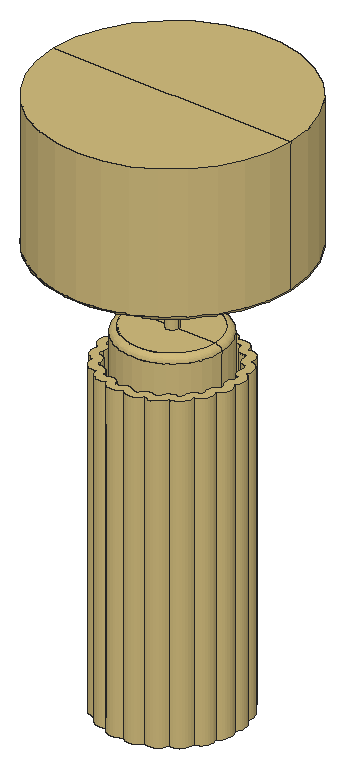
Revit family "CONV_Pholc_GnrlPrpseLmnrs_Donna7", category Lighting Fixtures, host Ceiling, Revit 2017
Family settings
  Host = Ceiling
  Round Connector Dimension = Use Diameter
  Part Type = Normal
  OmniClass Number = 23.80.70.11
  OmniClass Title = Luminaries for Internal Lighting
  Always vertical = Yes
  Cut with Voids When Loaded = No
  Light Source = Yes
  Shared = No
  Room Calculation Point = No
Parameters (values of type "Donna 7 autumn leaves")
  Wattage = 6.7321 W
  WarrantyStartDate [instance] = "n/a"
  WarrantyGuarantorParts = "n/a"
  WarrantyGuarantorLabor = "n/a"
  WarrantyDurationUnit = "Year"
  WarrantyDurationParts = "n/a"
  WarrantyDurationLabor = "n/a"
  WarrantyDescription = "n/a"
  built-in parameter 1150110 = 1 (stored number, unit not read)
  VersionDate = "15/05/2019"  # constant formula
  Version = "1"  # constant formula
  UsageCurrent = 0 A
  Uniclass2015Reference = "Pr_70_70_48_86"
  Uniclass2015Description = "Suspended luminaires"
  Uniclass2 = "Pr_70_70_49_86"
  URL = "https://www.pholc.se/our-products/donna-7/"
  TotalWattage = 6 W
  built-in parameter 1114217 = 1 (stored number, unit not read)
  built-in parameter 1150109 = 1 (stored number, unit not read)
  built-in parameter 1150134 = (empty or 0)
  TagNumber [instance] = "n/a"
  SustainabilityPerformance = "n/a"
  built-in parameter 1150113 = 1 (stored number, unit not read)
  Size = "70x70x170 mm"
  Shape = "Sculptured"
  SerialNumber [instance] = "n/a"
  Revision = "n/a"
  ReplacementCost = "n/a"
  ProductInformation = "It functions well as a lamp or object to set the mood of a room, hanging in numbers in a large space or as a single piece over a table."
  ProductDatasheet = "https://www.pholc.se/files/pdf/donna-7.pdf"
  PhaseReference = "n/a"
  PhaseAngle = 0.00°
  NumberOfSources = 0
  NumberOfPoles = 1
  NominalWidth = 115 mm
  NominalVoltageCalc = 0 V
  NominalVoltage = 220 V
  NominalRadius = NominalWidth / 2  # 57.5 mm
  NominalHeight [instance] = CableControl + 165 mm  # 265 mm
  NominalFrequencyRange = 50 Hz
  NominalDiameter = NominalWidth  # 115 mm
  NominalDepth = 115 mm
  NominalCurrent = 0 A
  Name = "GnrlPrpseLmnrs_Donna7"
  NBSReference = "90-60-50/405"
  NBSDescription = "General purpose luminaires"
  ModelReference = ArticleNumber  # "960118"
  ModelNumber = "n/a"
  Model = "Donna 7 autumn leaves"
  Material = "Aluminium & textile"
  ManufacturersSpecificInformation = "n/a"
  ManufacturerURL = "https://www.pholc.se/"
  ManufacturerName = "Pholc"
  Manufacturer = "Pholc"
  MaintenanceFactor = 0
  Lumens = 1000 lm
  built-in parameter 1150115 = 1 (stored number, unit not read)
  built-in parameter 1150105 = 79.577 (stored number, unit not read)
  LightSource = "Philips LED 1,9W (25W) G9 non dimmable (item no: 8718696713389) // startrading LED 5,6W G9 dimmable (item no: 344-47)"
  LightFixturePlacingType = "Ceiling"
  LightFixtureMountingType = "Suspended"
  LightFixtureMainMaterial = Autumn leaves
  Light Source Symbol Size = 609.6 mm
  built-in parameter 1150137 = (empty or 0)
  built-in parameter 1150139 = (empty or 0)
  built-in parameter 1150112 = 1 (stored number, unit not read)
  built-in parameter 1150114 = 1 (stored number, unit not read)
  InsulationStandardClass = "Class II"
  InstallationDate [instance] = "n/a"
  built-in parameter 1150132 = 2
  built-in parameter 1150102 = (empty or 0)
  built-in parameter 1150138 = (empty or 0)
  built-in parameter 1150107 = 3000 (stored number, unit not read)
  built-in parameter 1150106 = 0.79577 (stored number, unit not read)
  IfcExportType = "NOTDEFINED"  # constant formula
  IfcExportAs = "IfcLightFixtureType"  # constant formula
  IP_Code = "IP 20"
  HasProtectiveEarth = no
  Grade = "n/a"
  Finish = "n/a"
  Features = "Suspension mounting. Textile cable. Ceiling cup."
  ExpectedLife = "n/a"
  ElectricalDeviceNominalPower = 0
  built-in parameter 1150104 = 13.8 (stored number, unit not read)
  DurationUnit = "Year"
  Dimming Lamp Color Temperature Shift = <None>
  Designer = "Nina Jobs"
  Description = "The pendant lamp Donna gives a feeling of soft pleated textile although the material is of thin metal. We were inspired of material in fashion, chic ladies and the challenge to transform a hard material into a soft feeling! Versatile when it comes to usage and both beautiful at home and in public spaces."
  DefaultElevation = 0 mm
  ConvergoRefNr = "0103-1905-0005-SE"
  Constituents = "n/a"
  Color Filter = 16777215
  Color = "Autumn leaves"
  Collection = "Donna"
  CodePerformance = "n/a"
  Category = "Pendant"
  CableLength [instance] = 100 mm
  CableControl [instance] = if(CableLength < 100 mm, 100 mm, if(CableLength > 3000 mm, 3000 mm, CableLength))  # 100 mm
  Brand = "Pholc"
  Barcode [instance] = "n/a"
  built-in parameter 1114218 = 1 (stored number, unit not read)
  BIMObjectName = "CONV_Pholc_GnrlPrpseLmnrs_Donna7"
  Author = "Convergo AB"  # constant formula
  built-in parameter 1150133 = 10 (stored number, unit not read)
  AssetType = "Fixed"
  AssetIdentifier [instance] = "n/a"
  ArticleNumber = "960118"
  AccessibilityPerformance = "n/a"
Types (4, lengths in mm): name | ModelReference | Model | LightFixtureMainMaterial | Color | ArticleNumber
  Donna 7 autumn leaves | "960118" | "Donna 7 autumn leaves" | Autumn leaves | "Autumn leaves" | "960118"
  Donna 7 black ink | "960115" | "Donna 7 black ink" | Black ink | "Black ink" | "960115"
  Donna 7 linen | "960113" | "Donna 7 linen" | Linen | "Linen" | "960113"
  Donna 7 blush | "960114" | "Donna 7 blush" | Blush | "Blush" | "960114"
Reference planes
  plane 1 "Light Source Axis (F/B)": y = 0
  plane 2: z = 0
  plane 3 "Light Source Axis (L/R)": x = 0
  plane 4 "Ceiling": z = 4000
  plane 5 "Light Source Elevation": z = 3847
  plane 6: z = 3900
  plane 7: z = 3735
  plane 8: x = -57.5
  plane 9: x = 57.5
  plane 10: y = -57.5
  plane 11: y = 57.5
  plane 12: z = 3935
Forms (mm)
  Revolve 1, solid, material "Autumn leaves" <- "LightFixtureMainMaterial", detail levels medium+fine
    sketch origin (0, 0, 0) x (1, 0, 0) y (0, 0, 1)
      loop
        line (0, 4000) -> (0, 3935) -> (56.5, 3935)
        arc (56.5, 3935) -> (57.207, 3935.293) -> (57.5, 3936) r 1
        line (57.5, 3936) -> (57.5, 4000) -> (0, 4000)
      axis (0, 4000) -> (0, 3935)
    angle from 0 to 360
  Revolve 2, solid, material "Autumn leaves" <- "LightFixtureMainMaterial", detail levels medium+fine
    sketch origin (0, 0, 0) x (1, 0, 0) y (0, 0, 1)
      loop
        line (0, 3900) -> (3, 3900) -> (3, 4000) -> (0, 4000) -> (0, 3900)
      axis (0, 4000) -> (0, 3900)
    angle from 0 to 360
  Extrusion 3, solid, material "Autumn leaves" <- "LightFixtureMainMaterial", detail levels coarse
    sketch origin (0, 0, 4000) x (0, 1, 0) y (-1, 0, 0)
      loop
        line (57.5, 57.5) -> (-57.5, 57.5) -> (-57.5, -57.5) -> (57.5, -57.5) -> (57.5, 57.5)
    from 0 to -265
Cuts and joins
  joined: Revolve 1, Revolve 2
Lines and regions (mm)
  symbolic lines, detail levels medium+fine
    curve 1: line (3, 0, 3900) -> (3, 0, 3935)
    curve 2: line (-3, 0, 3900) -> (-3, 0, 3935)
    curve 3: line (57.5, 0, 4000) -> (-57.5, 0, 4000)
    curve 4: line (0, 57.5, 4000) -> (0, -57.5, 4000)
    curve 5: line (0, 3, 3935) -> (0, 3, 3900)
    curve 6: line (0, -3, 3935) -> (0, -3, 3900)
    curve 7: line (57.5, 0, 3936) -> (57.5, 0, 4000)
    curve 8: line (56.5, 0, 3935) -> (3, 0, 3935)
    curve 9: arc (57.5, 0, 3936) -> (57.207, 0, 3935.293) -> (56.5, 0, 3935) r 1
    curve 10: line (-57.5, 0, 3936) -> (-57.5, 0, 4000)
    curve 11: line (-56.5, 0, 3935) -> (-3, 0, 3935)
    curve 12: arc (-57.5, 0, 3936) -> (-57.207, 0, 3935.293) -> (-56.5, 0, 3935) r 1
    curve 14: line (0, 57.5, 4000) -> (0, 57.5, 3935)
    curve 15: line (0, -57.5, 4000) -> (0, -57.5, 3935)
    curve 16: line (0, 57.5, 3935) -> (0, 3, 3935)
    curve 17: line (0, -3, 3935) -> (0, -57.5, 3935)
  symbolic lines, detail levels fine
    curve 13: line (3, 0, 3935) -> (-3, 0, 3935)
    curve 18: line (0, 3, 3935) -> (0, -3, 3935)
Dimensions and locks
  equal spacing: host sketch curve, plane 3 "Light Source Axis (L/R)", host sketch curve
  equal spacing: host sketch curve, plane 1 "Light Source Axis (F/B)", host sketch curve
  host sketch curve to host sketch curve = 4000 mm  (x2)
  locked: plane 4 "Ceiling" to host ceiling at 0
  "NominalHeight": plane 7 to plane 4 "Ceiling"
  equal spacing: plane 8, plane 3 "Light Source Axis (L/R)", plane 9
  "NominalWidth": plane 8 to plane 9
  equal spacing: plane 10, plane 1 "Light Source Axis (F/B)", plane 11
  "NominalDepth": plane 10 to plane 11
  locked: plane 7 to plane 5 "Light Source Elevation" at 112
  "CableControl": plane 6 to plane 4 "Ceiling"
  locked: plane 12 to plane 4 "Ceiling" at 65
  aligned and locked: plane 3 "Light Source Axis (L/R)" to imposter light
  aligned and locked: plane 1 "Light Source Axis (F/B)" to imposter light
  aligned and locked: plane 5 "Light Source Elevation" to imposter light
  aligned and locked: plane 6 to curve 1
  aligned and locked: plane 6 to curve 2
  aligned and locked: plane 6 to curve 6
  aligned and locked: plane 6 to curve 5
  aligned and locked: Revolve 1 to plane 4 "Ceiling"
  aligned and locked: plane 6 to Revolve 2 sketch curve
  aligned and locked: Revolve 1 to Revolve 2 sketch curve
  aligned and locked: nested 1 to plane 6
  aligned and locked: plane 7 to Extrusion 3
  aligned and locked: plane 12 to curve 8
  aligned and locked: curve 11 to plane 12
  aligned and locked: plane 12 to curve 13
  aligned and locked: plane 12 to curve 16
  aligned and locked: plane 12 to curve 17
  aligned and locked: plane 12 to Revolve 1 sketch curve
  aligned and locked: Revolve 1 sketch curve to plane 4 "Ceiling"
Automatic sketch dimensions
  Extrusion 3 sketch curve to plane 8 = 0 mm
  Extrusion 3 sketch curve to plane 10 = 0 mm
  plane 11 to Extrusion 3 sketch curve = 0 mm
  Extrusion 3 sketch curve to plane 9 = 0 mm
  Revolve 1 sketch curve to plane 3 "Light Source Axis (L/R)" = 0 mm  (x2)
  Revolve 1 sketch curve to plane 9 = 0 mm
  Revolve 1 sketch curve to Revolve 1 sketch curve = 1 mm
  Revolve 1 sketch curve to Revolve 1 sketch curve = 5.181 mm
  Revolve 1 sketch curve to Revolve 1 sketch curve = 10 mm
  curve 12 to plane 8 = 0 mm
  plane 9 to curve 7 = 0 mm
  curve 3 to plane 4 "Ceiling" = 0 mm
  curve 12 to curve 12 = 1 mm
  curve 2 to plane 3 "Light Source Axis (L/R)" = 3 mm
  plane 3 "Light Source Axis (L/R)" to curve 8 = 3 mm
  curve 9 to curve 7 = 1 mm
  Revolve 2 sketch curve to plane 3 "Light Source Axis (L/R)" = 0 mm  (x2)
  Revolve 2 sketch curve to plane 6 = 0 mm
  plane 3 "Light Source Axis (L/R)" to Revolve 2 sketch curve = 3 mm
  Revolve 2 sketch curve to Revolve 2 sketch curve = 10 mm
  plane 4 "Ceiling" to curve 4 = 0 mm
  curve 4 to plane 10 = 0 mm
  curve 16 to plane 11 = 0 mm
  plane 1 "Light Source Axis (F/B)" to curve 6 = 3 mm
  curve 5 to plane 1 "Light Source Axis (F/B)" = 3 mm
  curve 18 to curve 17 = 0 mm
Nested families
  nested 1: "Donna 7" at (0, 0, 3735), Metal <- "LightFixtureMainMaterial", type "Donna 7"
    with Metal Autumn leaves
Connectors
  electrical at (0, 0, 4000), driven by "NominalVoltage"
    settings: on cut or joined group of Revolve 1, Revolve 2, index 1, voltage 220 V, apparent load 0 VA, apparent load phase1 0 VA, apparent load phase2 0 VA, apparent load phase3 0 VA, power factor 1, load classification "Other", number of poles 1, system type 31, power factor state 1, is connector primary yes, connector utility no, sub classification motor no, connector description ""
Definition of nested family "Donna 7"
  Parameters (values of type "Donna 7")
    Metal [instance] = none
  Reference planes
    plane 1 "Center (Front/Back)": y = 0
    plane 2: z = 0
    plane 3 "Center (Left/Right)": x = 0
    plane 4: z = 165
    plane 5: z = 112
  Forms (mm)
    Extrusion 1, solid, material <- "Metal", detail levels medium+fine
      sketch origin (0, 0, 0) x (1, 0, 0) y (0, 1, 0)
        loop
          arc (0, 30) -> (-5.006, 31.609) -> (-9.271, 28.532) r 5.828
          arc (-9.271, 28.532) -> (-14.529, 28.515) -> (-17.634, 24.271) r 5.828
          arc (-17.634, 24.271) -> (-22.629, 22.629) -> (-24.271, 17.634) r 5.828
          arc (-24.271, 17.634) -> (-28.515, 14.529) -> (-28.532, 9.271) r 5.828
          arc (-28.532, 9.271) -> (-31.609, 5.006) -> (-30, 0) r 5.828
          arc (-30, 0) -> (-31.609, -5.006) -> (-28.532, -9.271) r 5.828
          arc (-28.532, -9.271) -> (-28.515, -14.529) -> (-24.271, -17.634) r 5.828
          arc (-24.271, -17.634) -> (-22.629, -22.629) -> (-17.634, -24.271) r 5.828
          arc (-17.634, -24.271) -> (-14.529, -28.515) -> (-9.271, -28.532) r 5.828
          arc (-9.271, -28.532) -> (-5.006, -31.609) -> (0, -30) r 5.828
          arc (0, -30) -> (5.006, -31.609) -> (9.271, -28.532) r 5.828
          arc (9.271, -28.532) -> (14.529, -28.515) -> (17.634, -24.271) r 5.828
          arc (17.634, -24.271) -> (22.629, -22.629) -> (24.271, -17.634) r 5.828
          arc (24.271, -17.634) -> (28.515, -14.529) -> (28.532, -9.271) r 5.828
          arc (28.532, -9.271) -> (31.609, -5.006) -> (30, 0) r 5.828
          arc (30, 0) -> (31.609, 5.006) -> (28.532, 9.271) r 5.828
          arc (28.532, 9.271) -> (28.515, 14.529) -> (24.271, 17.634) r 5.828
          arc (24.271, 17.634) -> (22.629, 22.629) -> (17.634, 24.271) r 5.828
          arc (17.634, 24.271) -> (14.529, 28.515) -> (9.271, 28.532) r 5.828
          arc (9.271, 28.532) -> (5.006, 31.609) -> (0, 30) r 5.828
        loop
          arc (2.81, 27.153) -> (0, 26) -> (-2.81, 27.153) r 4
          arc (-2.81, 27.153) -> (-4.381, 27.658) -> (-5.718, 26.693) r 1.828
          arc (-5.718, 26.693) -> (-8.034, 24.727) -> (-11.063, 24.956) r 4
          arc (-11.063, 24.956) -> (-12.713, 24.951) -> (-13.687, 23.619) r 1.828
          arc (-13.687, 23.619) -> (-15.282, 21.034) -> (-18.234, 20.316) r 4
          arc (-18.234, 20.316) -> (-19.801, 19.801) -> (-20.316, 18.234) r 1.828
          arc (-20.316, 18.234) -> (-21.034, 15.282) -> (-23.619, 13.687) r 4
          arc (-23.619, 13.687) -> (-24.951, 12.713) -> (-24.956, 11.063) r 1.828
          arc (-24.956, 11.063) -> (-24.727, 8.034) -> (-26.693, 5.718) r 4
          arc (-26.693, 5.718) -> (-27.658, 4.381) -> (-27.153, 2.81) r 1.828
          arc (-27.153, 2.81) -> (-26, 0) -> (-27.153, -2.81) r 4
          arc (-27.153, -2.81) -> (-27.658, -4.381) -> (-26.693, -5.718) r 1.828
          arc (-26.693, -5.718) -> (-24.727, -8.034) -> (-24.956, -11.063) r 4
          arc (-24.956, -11.063) -> (-24.951, -12.713) -> (-23.619, -13.687) r 1.828
          arc (-23.619, -13.687) -> (-21.034, -15.282) -> (-20.316, -18.234) r 4
          arc (-20.316, -18.234) -> (-19.801, -19.801) -> (-18.234, -20.316) r 1.828
          arc (-18.234, -20.316) -> (-15.282, -21.034) -> (-13.687, -23.619) r 4
          arc (-13.687, -23.619) -> (-12.713, -24.951) -> (-11.063, -24.956) r 1.828
          arc (-11.063, -24.956) -> (-8.034, -24.727) -> (-5.718, -26.693) r 4
          arc (-5.718, -26.693) -> (-4.381, -27.658) -> (-2.81, -27.153) r 1.828
          arc (-2.81, -27.153) -> (0, -26) -> (2.81, -27.153) r 4
          arc (2.81, -27.153) -> (4.381, -27.658) -> (5.718, -26.693) r 1.828
          arc (5.718, -26.693) -> (8.034, -24.727) -> (11.063, -24.956) r 4
          arc (11.063, -24.956) -> (12.713, -24.951) -> (13.687, -23.619) r 1.828
          arc (13.687, -23.619) -> (15.282, -21.034) -> (18.234, -20.316) r 4
          arc (18.234, -20.316) -> (19.801, -19.801) -> (20.316, -18.234) r 1.828
          arc (20.316, -18.234) -> (21.034, -15.282) -> (23.619, -13.687) r 4
          arc (23.619, -13.687) -> (24.951, -12.713) -> (24.956, -11.063) r 1.828
          arc (24.956, -11.063) -> (24.727, -8.034) -> (26.693, -5.718) r 4
          arc (26.693, -5.718) -> (27.658, -4.381) -> (27.153, -2.81) r 1.828
          arc (27.153, -2.81) -> (26, 0) -> (27.153, 2.81) r 4
          arc (27.153, 2.81) -> (27.658, 4.381) -> (26.693, 5.718) r 1.828
          arc (26.693, 5.718) -> (24.727, 8.034) -> (24.956, 11.063) r 4
          arc (24.956, 11.063) -> (24.951, 12.713) -> (23.619, 13.687) r 1.828
          arc (23.619, 13.687) -> (21.034, 15.282) -> (20.316, 18.234) r 4
          arc (20.316, 18.234) -> (19.801, 19.801) -> (18.234, 20.316) r 1.828
          arc (18.234, 20.316) -> (15.282, 21.034) -> (13.687, 23.619) r 4
          arc (13.687, 23.619) -> (12.713, 24.951) -> (11.063, 24.956) r 1.828
          arc (11.063, 24.956) -> (8.034, 24.727) -> (5.718, 26.693) r 4
          arc (5.718, 26.693) -> (4.381, 27.658) -> (2.81, 27.153) r 1.828
      from 0 to 150
    Revolve 2, solid, material <- "Metal", detail levels medium+fine
      sketch origin (0, 0, 0) x (1, 0, 0) y (0, 0, 1)
        loop
          line (0, 165) -> (-20.999, 165)
          arc (-20.999, 165) -> (-23.121, 164.122) -> (-24, 162) r 3
          line (-24, 162) -> (-24, 125) -> (-30, 125) -> (-30, 124) -> (-3, 124) -> (-3, 100) -> (0, 100) -> (0, 165)
        axis (0, 100) -> (0, 165)
      angle from 0 to 360
  Lines and regions (mm)
    symbolic lines, detail levels medium+fine
      curve 1: line (-31.681, 0, 0) -> (-31.681, 0, 150)
      curve 2: line (-24, 0, 150) -> (-31.681, 0, 150)
      curve 3: line (-24, 0, 150) -> (-24, 0, 162)
      curve 4: line (-3.082, 0, 165) -> (-21, 0, 165)
      curve 5: arc (-24, 0, 162) -> (-23.121, 0, 164.121) -> (-21, 0, 165) r 3
      curve 6: line (31.681, 0, 0) -> (31.681, 0, 150)
      curve 7: line (24, 0, 150) -> (31.681, 0, 150)
      curve 8: line (24, 0, 150) -> (24, 0, 162)
      curve 9: line (3.082, 0, 165) -> (21, 0, 165)
      curve 10: arc (24, 0, 162) -> (23.121, 0, 164.121) -> (21, 0, 165) r 3
      curve 14: line (0, 31.681, 0) -> (0, 31.681, 150)
      curve 15: line (0, 31.681, 150) -> (0, 24.002, 150)
      curve 16: line (0, 24.002, 150) -> (0, 24.002, 162)
      curve 17: line (0, 3, 165) -> (0, 21.002, 165)
      curve 18: arc (0, 24.002, 162) -> (0, 23.124, 164.121) -> (0, 21.002, 165) r 3
      curve 19: line (0, -31.681, 0) -> (0, -31.681, 150)
      curve 20: line (0, -31.681, 150) -> (0, -24.002, 150)
      curve 21: line (0, -24.002, 150) -> (0, -24.002, 162)
      curve 22: line (0, -3, 165) -> (0, -21.002, 165)
      curve 23: arc (0, -24.002, 162) -> (0, -23.124, 164.121) -> (0, -21.002, 165) r 3
      curve 24: line (0, 31.681, 0) -> (0, -31.681, 0)
      curve 87: circle (0, 0, 0) r 57.5 normal (0, 0, 1)
      curve 88: line (-31.681, 0, 0) -> (31.681, 0, 0)
    symbolic lines, detail levels fine
      curve 11: line (-31.681, 0, 0) -> (31.681, 0, 0)
      curve 12: line (-3.082, 0, 165) -> (3.082, 0, 165)
      curve 13: line (-24, 0, 150) -> (24, 0, 150)
      curve 25: line (0, 24.002, 150) -> (0, -24.002, 150)
      curve 26: line (0, 3, 165) -> (0, -3, 165)
      curve 27: arc (-17.634, 24.271, 0) -> (-22.629, 22.629, 0) -> (-24.271, 17.634, 0) r 5.828
      curve 28: arc (-24.271, 17.634, 0) -> (-28.515, 14.529, 0) -> (-28.532, 9.271, 0) r 5.828
      curve 29: arc (-28.532, 9.271, 0) -> (-31.609, 5.006, 0) -> (-30, 0, 0) r 5.828
      curve 30: arc (-30, 0, 0) -> (-31.609, -5.006, 0) -> (-28.532, -9.271, 0) r 5.828
      curve 31: arc (-28.532, -9.271, 0) -> (-28.515, -14.529, 0) -> (-24.271, -17.634, 0) r 5.828
      curve 32: arc (-24.271, -17.634, 0) -> (-22.629, -22.629, 0) -> (-17.634, -24.271, 0) r 5.828
      curve 33: arc (-17.634, -24.271, 0) -> (-14.529, -28.515, 0) -> (-9.271, -28.532, 0) r 5.828
      curve 34: arc (-9.271, -28.532, 0) -> (-5.006, -31.609, 0) -> (0, -30, 0) r 5.828
      curve 35: arc (0, -30, 0) -> (5.006, -31.609, 0) -> (9.271, -28.532, 0) r 5.828
      curve 36: arc (9.271, -28.532, 0) -> (14.529, -28.515, 0) -> (17.634, -24.271, 0) r 5.828
      curve 37: arc (17.634, -24.271, 0) -> (22.629, -22.629, 0) -> (24.271, -17.634, 0) r 5.828
      curve 38: arc (24.271, -17.634, 0) -> (28.515, -14.529, 0) -> (28.532, -9.271, 0) r 5.828
      curve 39: arc (28.532, -9.271, 0) -> (31.609, -5.006, 0) -> (30, 0, 0) r 5.828
      curve 40: arc (30, 0, 0) -> (31.609, 5.006, 0) -> (28.532, 9.271, 0) r 5.828
      curve 41: arc (28.532, 9.271, 0) -> (28.515, 14.529, 0) -> (24.271, 17.634, 0) r 5.828
      curve 42: arc (24.271, 17.634, 0) -> (22.629, 22.629, 0) -> (17.634, 24.271, 0) r 5.828
      curve 43: arc (17.634, 24.271, 0) -> (14.529, 28.515, 0) -> (9.271, 28.532, 0) r 5.828
      curve 44: arc (9.271, 28.532, 0) -> (5.006, 31.609, 0) -> (0, 30, 0) r 5.828
      curve 45: arc (0, 30, 0) -> (-5.006, 31.609, 0) -> (-9.271, 28.532, 0) r 5.828
      curve 46: arc (-9.271, 28.532, 0) -> (-14.529, 28.515, 0) -> (-17.634, 24.271, 0) r 5.828
      curve 47: arc (-20.316, 18.234, 0) -> (-19.801, 19.801, 0) -> (-18.234, 20.316, 0) r 1.828
      curve 48: arc (-18.234, 20.316, 0) -> (-15.282, 21.034, 0) -> (-13.687, 23.619, 0) r 4
      curve 49: arc (-13.687, 23.619, 0) -> (-12.713, 24.951, 0) -> (-11.063, 24.956, 0) r 1.828
      curve 50: arc (-11.063, 24.956, 0) -> (-8.034, 24.727, 0) -> (-5.718, 26.693, 0) r 4
      curve 51: arc (-5.718, 26.693, 0) -> (-4.381, 27.658, 0) -> (-2.81, 27.153, 0) r 1.828
      curve 52: arc (-2.81, 27.153, 0) -> (0, 26, 0) -> (2.81, 27.153, 0) r 4
      curve 53: arc (2.81, 27.153, 0) -> (4.381, 27.658, 0) -> (5.718, 26.693, 0) r 1.828
      curve 54: arc (5.718, 26.693, 0) -> (8.034, 24.727, 0) -> (11.063, 24.956, 0) r 4
      curve 55: arc (11.063, 24.956, 0) -> (12.713, 24.951, 0) -> (13.687, 23.619, 0) r 1.828
      curve 56: arc (13.687, 23.619, 0) -> (15.282, 21.034, 0) -> (18.234, 20.316, 0) r 4
      curve 57: arc (18.234, 20.316, 0) -> (19.801, 19.801, 0) -> (20.316, 18.234, 0) r 1.828
      curve 58: arc (20.316, 18.234, 0) -> (21.034, 15.282, 0) -> (23.619, 13.687, 0) r 4
      curve 59: arc (23.619, 13.687, 0) -> (24.951, 12.713, 0) -> (24.956, 11.063, 0) r 1.828
      curve 60: arc (24.956, 11.063, 0) -> (24.727, 8.034, 0) -> (26.693, 5.718, 0) r 4
      curve 61: arc (26.693, 5.718, 0) -> (27.658, 4.381, 0) -> (27.153, 2.81, 0) r 1.828
      curve 62: arc (27.153, 2.81, 0) -> (26, 0, 0) -> (27.153, -2.81, 0) r 4
      curve 63: arc (27.153, -2.81, 0) -> (27.658, -4.381, 0) -> (26.693, -5.718, 0) r 1.828
      curve 64: arc (26.693, -5.718, 0) -> (24.727, -8.034, 0) -> (24.956, -11.063, 0) r 4
      curve 65: arc (24.956, -11.063, 0) -> (24.951, -12.713, 0) -> (23.619, -13.687, 0) r 1.828
      curve 66: arc (23.619, -13.687, 0) -> (21.034, -15.282, 0) -> (20.316, -18.234, 0) r 4
      curve 67: arc (20.316, -18.234, 0) -> (19.801, -19.801, 0) -> (18.234, -20.316, 0) r 1.828
      curve 68: arc (18.234, -20.316, 0) -> (15.282, -21.034, 0) -> (13.687, -23.619, 0) r 4
      curve 69: arc (13.687, -23.619, 0) -> (12.713, -24.951, 0) -> (11.063, -24.956, 0) r 1.828
      curve 70: arc (11.063, -24.956, 0) -> (8.034, -24.727, 0) -> (5.718, -26.693, 0) r 4
      curve 71: arc (5.718, -26.693, 0) -> (4.381, -27.658, 0) -> (2.81, -27.153, 0) r 1.828
      curve 72: arc (2.81, -27.153, 0) -> (0, -26, 0) -> (-2.81, -27.153, 0) r 4
      curve 73: arc (-2.81, -27.153, 0) -> (-4.381, -27.658, 0) -> (-5.718, -26.693, 0) r 1.828
      curve 74: arc (-5.718, -26.693, 0) -> (-8.034, -24.727, 0) -> (-11.063, -24.956, 0) r 4
      curve 75: arc (-11.063, -24.956, 0) -> (-12.713, -24.951, 0) -> (-13.687, -23.619, 0) r 1.828
      curve 76: arc (-13.687, -23.619, 0) -> (-15.282, -21.034, 0) -> (-18.234, -20.316, 0) r 4
      curve 77: arc (-18.234, -20.316, 0) -> (-19.801, -19.801, 0) -> (-20.316, -18.234, 0) r 1.828
      curve 78: arc (-20.316, -18.234, 0) -> (-21.034, -15.282, 0) -> (-23.619, -13.687, 0) r 4
      curve 79: arc (-23.619, -13.687, 0) -> (-24.951, -12.713, 0) -> (-24.956, -11.063, 0) r 1.828
      curve 80: arc (-24.956, -11.063, 0) -> (-24.727, -8.034, 0) -> (-26.693, -5.718, 0) r 4
      curve 81: arc (-26.693, -5.718, 0) -> (-27.658, -4.381, 0) -> (-27.153, -2.81, 0) r 1.828
      curve 82: arc (-27.153, -2.81, 0) -> (-26, 0, 0) -> (-27.153, 2.81, 0) r 4
      curve 83: arc (-27.153, 2.81, 0) -> (-27.658, 4.381, 0) -> (-26.693, 5.718, 0) r 1.828
      curve 84: arc (-26.693, 5.718, 0) -> (-24.727, 8.034, 0) -> (-24.956, 11.063, 0) r 4
      curve 85: arc (-24.956, 11.063, 0) -> (-24.951, 12.713, 0) -> (-23.619, 13.687, 0) r 1.828
      curve 86: arc (-23.619, 13.687, 0) -> (-21.034, 15.282, 0) -> (-20.316, 18.234, 0) r 4
  Dimensions and locks
    aligned and locked: level to plane 2
